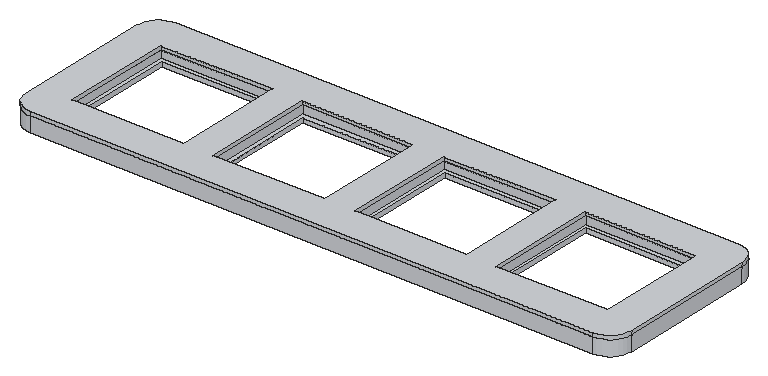
Revit family "Gira_0214426", category Electrical Fixtures, host Face, Revit 2017
Family settings
  Host = Face
  Maintain Annotation Orientation = No
  Round Connector Dimension = Use Diameter
  Part Type = Normal
  Cut with Voids When Loaded = No
  Shared = No
  Room Calculation Point = No
Parameters (values of type "Cov.fr. 4-g Gira E3 umber/anthra.")
  URL = "http://katalog.gira.de/en/datenblatt.html?artikelnr=0214426"
  Transparent = "No"
  Name = "Cov.fr. 4-g Gira E3 umber/anthra."
  Manufacturer URL = "https://www.gira.de/"
  Manufacturer = "Gira"
  Keynote = ""
  HeinzeBIM = "https://bimportal.heinze.de/bim/cov-fr-4-g-gira-e3-umber-anthra-/eb6b29f3fae4ae104e239a4eb2b41f35ec0b656d"
  HAN = "0214426"
  GTIN = "4010337024484"
  Description = "Cov.fr.4g E3 UmAn,Gira E3 cover frame,umber soft touch with anthracite intermediate frame,4-gang,Features:,- Shatter-proof.,,Notes :,- Soft-touch surface,- NCS value: approx. NCS S 7010-Y10R"
  Default Elevation = 1219.2 mm
  Data sheet (1) = "https://katalog.gira.de/en/download.html?artikelnr=0214426"
  Category = "Cover frame for domestic switching devices"
  BIM (1) = "https://media.stage.bim.site/public/gira/36a6b08/E3_Rahmen_4fach.rfa"
  Available = "No"
Reference planes
  plane 1 "Center (Front/Back)": y = 0
  plane 2: z = 0
  plane 3 "Center (Left/Right)": x = 0
Forms (mm)
  Extrusion 1, solid, detail levels fine
    sketch origin (0, 0, 0) x (1, 0, 0) y (0, 1, 0)
      loop
        arc (-141.75, 45.809) -> (-149.535, 42.585) -> (-152.759, 34.8) r 11.009
        line (-152.759, 34.8) -> (-152.759, -34.8)
        arc (-152.759, -34.8) -> (-149.535, -42.585) -> (-141.75, -45.809) r 11.009
        line (-141.75, -45.809) -> (141.75, -45.809)
        arc (141.75, -45.809) -> (149.535, -42.585) -> (152.759, -34.8) r 11.009
        line (152.759, -34.8) -> (152.759, 34.8)
        arc (152.759, 34.8) -> (149.535, 42.585) -> (141.75, 45.809) r 11.009
        line (141.75, 45.809) -> (-141.75, 45.809)
      loop
        line (-78.85, 28.187) -> (-135.106, 28.187) -> (-135.106, -28.187) -> (-78.85, -28.187) -> (-78.85, 28.187)
      loop
        line (-63.95, 28.187) -> (-63.95, -28.187) -> (-7.695, -28.187) -> (-7.695, 28.187) -> (-63.95, 28.187)
      loop
        line (78.85, 28.187) -> (78.85, -28.187) -> (135.106, -28.187) -> (135.106, 28.187) -> (78.85, 28.187)
      loop
        line (63.95, 28.187) -> (7.695, 28.187) -> (7.695, -28.187) -> (63.95, -28.187) -> (63.95, 28.187)
    from 7.65 to 9.5
  Extrusion 2, solid, detail levels fine
    sketch origin (-107.15, 0, 0) x (1, 0, 0) y (0, 1, 0)
      loop
        line (26.1, 25.7) -> (-25.7, 25.7) -> (-25.7, -25.7) -> (26.1, -25.7) -> (26.1, 25.7)
      loop
        line (-28.187, -28.156) -> (28.187, -28.156) -> (28.187, 28.156) -> (-28.187, 28.156) -> (-28.187, -28.156)
    from 1.65 to 3.9
  Extrusion 3, solid, detail levels fine
    sketch origin (0, 0, 0) x (1, 0, 0) y (0, 1, 0)
      loop
        arc (-141.75, 45.809) -> (-149.535, 42.585) -> (-152.759, 34.8) r 11.009
        line (-152.759, 34.8) -> (-152.759, -34.8)
        arc (-152.759, -34.8) -> (-149.535, -42.585) -> (-141.75, -45.809) r 11.009
        line (-141.75, -45.809) -> (141.75, -45.809)
        arc (141.75, -45.809) -> (149.535, -42.585) -> (152.759, -34.8) r 11.009
        line (152.759, -34.8) -> (152.759, 34.8)
        arc (152.759, 34.8) -> (149.535, 42.585) -> (141.75, 45.809) r 11.009
        line (141.75, 45.809) -> (-141.75, 45.809)
      loop
        line (-150.793, 34.785) -> (-150.793, -34.785)
        arc (-150.793, -34.785) -> (-148.14, -41.19) -> (-141.735, -43.843) r 9.058
        line (-141.735, -43.843) -> (141.735, -43.843)
        arc (141.735, -43.843) -> (148.14, -41.19) -> (150.793, -34.785) r 9.058
        line (150.793, -34.785) -> (150.793, 34.785)
        arc (150.793, 34.785) -> (148.14, 41.19) -> (141.735, 43.843) r 9.058
        line (141.735, 43.843) -> (-141.735, 43.843)
        arc (-141.735, 43.843) -> (-148.14, 41.19) -> (-150.793, 34.785) r 9.058
    from 0 to 7.65
  Extrusion 4, solid, detail levels fine
    sketch origin (-35.75, 0, 0) x (1, 0, 0) y (0, 1, 0)
      loop
        line (-98.606, -31.075) -> (170.105, -31.075)
        arc (170.105, -31.075) -> (172.749, -29.98) -> (173.844, -27.337) r 3.739
        line (173.844, -27.337) -> (173.844, 27.337)
        arc (173.844, 27.337) -> (172.749, 29.98) -> (170.105, 31.075) r 3.739
        line (170.105, 31.075) -> (-98.606, 31.075)
        arc (-98.606, 31.075) -> (-101.249, 29.98) -> (-102.344, 27.337) r 3.739
        line (-102.344, 27.337) -> (-102.344, -27.337)
        arc (-102.344, -27.337) -> (-101.249, -29.98) -> (-98.606, -31.075) r 3.739
      loop
        line (-101.194, 27.537) -> (-101.194, -27.537)
        arc (-101.194, -27.537) -> (-100.495, -29.226) -> (-98.806, -29.925) r 2.389
        line (-98.806, -29.925) -> (170.305, -29.925)
        arc (170.305, -29.925) -> (171.994, -29.226) -> (172.694, -27.537) r 2.389
        line (172.694, -27.537) -> (172.694, 27.537)
        arc (172.694, 27.537) -> (171.994, 29.226) -> (170.305, 29.925) r 2.389
        line (170.305, 29.925) -> (-98.806, 29.925)
        arc (-98.806, 29.925) -> (-100.495, 29.226) -> (-101.194, 27.537) r 2.389
    from 1.65 to 7.65
  Extrusion 5, solid, detail levels fine
    sketch origin (0, 0, 0) x (1, 0, 0) y (0, 1, 0)
      loop
        line (-139.017, -39.8) -> (139.017, -39.8)
        arc (139.017, -39.8) -> (144.632, -36.708) -> (146.864, -30.7) r 9.2
        line (146.864, -30.7) -> (146.864, 30.7)
        arc (146.864, 30.7) -> (144.17, 37.205) -> (137.664, 39.9) r 9.2
        line (137.664, 39.9) -> (-137.664, 39.9)
        arc (-137.664, 39.9) -> (-144.17, 37.205) -> (-146.864, 30.7) r 9.2
        line (-146.864, 30.7) -> (-146.864, -30.7)
        arc (-146.864, -30.7) -> (-144.632, -36.708) -> (-139.017, -39.8) r 9.2
      loop
        line (-137.664, -31.7) -> (137.664, -31.7)
        arc (137.664, -31.7) -> (138.372, -31.407) -> (138.664, -30.7) r 1
        line (138.664, -30.7) -> (138.664, 30.7)
        arc (138.664, 30.7) -> (138.372, 31.407) -> (137.664, 31.7) r 1
        line (137.664, 31.7) -> (-137.664, 31.7)
        arc (-137.664, 31.7) -> (-138.372, 31.407) -> (-138.664, 30.7) r 1
        line (-138.664, 30.7) -> (-138.664, -30.7)
        arc (-138.664, -30.7) -> (-138.372, -31.407) -> (-137.664, -31.7) r 1
    from 1.65 to 3.9
  Extrusion 6, solid, detail levels fine
    sketch origin (-107.15, 0, 0) x (1, 0, 0) y (0, 1, 0)
      loop
        line (-28.187, 28.156) -> (-28.187, -28.156) -> (28.187, -28.156) -> (28.187, 28.156) -> (-28.187, 28.156)
      loop
        line (-29.925, 29.925) -> (-29.925, -29.925) -> (29.925, -29.925) -> (29.925, 29.925) -> (-29.925, 29.925)
    from 1.65 to 7.65
  Extrusion 7, solid, detail levels coarse+medium
    sketch origin (0, 0, 0) x (1, 0, 0) y (0, 1, 0)
      loop
        line (-152.759, 45.809) -> (-152.759, -45.809) -> (152.759, -45.809) -> (152.759, 45.809) -> (-152.759, 45.809)
    from 0 to 9.5
  Extrusion 8, solid, detail levels fine
    sketch origin (-35.65, 0, 0) x (-1, 0, 0) y (0, -1, 0)
      loop
        line (25.9, -25.7) -> (25.9, 25.7) -> (-25.9, 25.7) -> (-25.9, -25.7) -> (25.9, -25.7)
      loop
        line (-28.187, 28.156) -> (-28.187, -28.156) -> (28.187, -28.156) -> (28.187, 28.156) -> (-28.187, 28.156)
    from 1.65 to 3.9
  Extrusion 9, solid, detail levels fine
    sketch origin (-35.65, 0, 0) x (-1, 0, 0) y (0, -1, 0)
      loop
        line (-28.187, -28.156) -> (28.187, -28.156) -> (28.187, 28.156) -> (-28.187, 28.156) -> (-28.187, -28.156)
      loop
        line (-29.925, -29.925) -> (29.925, -29.925) -> (29.925, 29.925) -> (-29.925, 29.925) -> (-29.925, -29.925)
    from 1.65 to 7.65
  Extrusion 10, solid, detail levels fine
    sketch origin (35.85, 0, 0) x (-1, 0, 0) y (0, -1, 0)
      loop
        line (26.1, -25.7) -> (26.1, 25.7) -> (-25.7, 25.7) -> (-25.7, -25.7) -> (26.1, -25.7)
      loop
        line (-28.187, 28.156) -> (-28.187, -28.156) -> (28.187, -28.156) -> (28.187, 28.156) -> (-28.187, 28.156)
    from 1.65 to 3.9
  Extrusion 11, solid, detail levels fine
    sketch origin (35.85, 0, 0) x (-1, 0, 0) y (0, -1, 0)
      loop
        line (-28.187, -28.156) -> (28.187, -28.156) -> (28.187, 28.156) -> (-28.187, 28.156) -> (-28.187, -28.156)
      loop
        line (-29.925, -29.925) -> (29.925, -29.925) -> (29.925, 29.925) -> (-29.925, 29.925) -> (-29.925, -29.925)
    from 1.65 to 7.65
  Extrusion 12, solid, detail levels fine
    sketch origin (107.15, 0, 0) x (-1, 0, 0) y (0, -1, 0)
      loop
        line (26.1, -25.7) -> (26.1, 25.7) -> (-25.7, 25.7) -> (-25.7, -25.7) -> (26.1, -25.7)
      loop
        line (-28.187, 28.156) -> (-28.187, -28.156) -> (28.187, -28.156) -> (28.187, 28.156) -> (-28.187, 28.156)
    from 1.65 to 3.9
  Extrusion 13, solid, detail levels fine
    sketch origin (107.15, 0, 0) x (-1, 0, 0) y (0, -1, 0)
      loop
        line (-28.187, -28.156) -> (28.187, -28.156) -> (28.187, 28.156) -> (-28.187, 28.156) -> (-28.187, -28.156)
      loop
        line (-29.925, -29.925) -> (29.925, -29.925) -> (29.925, 29.925) -> (-29.925, 29.925) -> (-29.925, -29.925)
    from 1.65 to 7.65
Dimensions and locks
  aligned and locked: plane 2 to host face
  aligned and locked: level to host face
